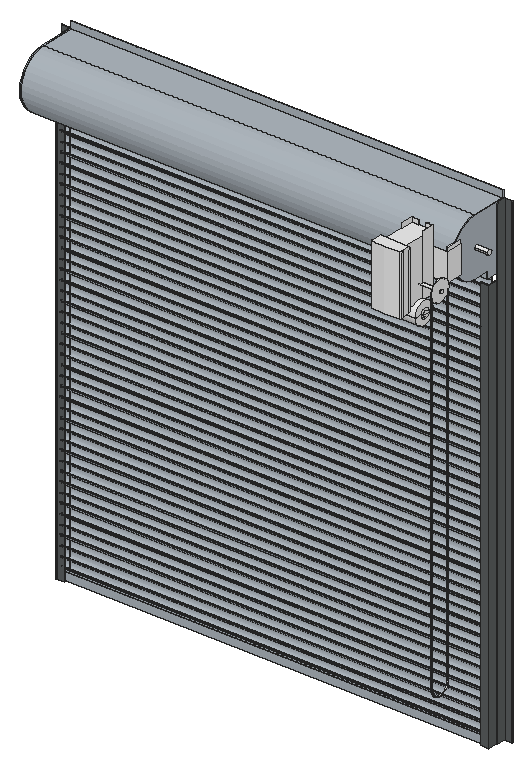
Revit family "Doors_Industrial_Wayne-Dalton_Rolling-Service-Doors-Model-800_", category Specialty Equipment, host Wall, Revit 2019
Family settings
  Host = Wall
  Round Connector Dimension = Use Diameter
  Part Type = Normal
  OmniClass Number = 23.30.10.21.34
  OmniClass Title = Industrial Doors
  Always vertical = Yes
  Cut with Voids When Loaded = Yes
  Shared = No
  Room Calculation Point = No
Parameters (values of type "115 volts, one phase, 60 Hz (110-120V range)")
  X Motor [instance] = size_lookup(Lookup Table, if(Between Jambs Mounting, "Motor B", "Motor F"), 10", Width Count, Height Count)  # 18 1/2"
  X ChainH [instance] = size_lookup(Lookup Table, if(Between Jambs Mounting, "Chain B", "Chain F"), 10", Width Count, Height Count)  # 18 1/2"
  Width Count [instance] = if(or(Opening Width < 120", Opening Width = 120"), 10, if(or(Opening Width < 192", Opening Width = 192"), 16, 20))  # 10
  Warning Sign [instance] = if(Calculated Area > 683.00 SF, 1 = 1, 1 = 2)  # no
  Warning (Note) [instance] = if(Warning Sign, "The Door Area is out of the limit; please adjust accordingly. The maximum allowed area is 683 sq. ft.", " ")  # " "
  Wall Thickness [instance] = 6"
  Voltage = 115 V
  True Opening Width [instance] = if(Between Jambs Mounting, Door Width True, Clear Width)  # 120"
  True Opening Height [instance] = if(Between Jambs Mounting, Clear Height + Headroom Height, Clear Height)  # 120"
  Slat Type [instance] = if(Slat Option < 2, "№4", if(Slat Option = 2, "№14", "№14 - Secur-Vent"))  # "№4"
  Slat Option [instance] = 1
  Slat Length [instance] = Clear Width + G Value * 2 - 1" / 2 * 2  # 124 1/2"
  Slat Height [instance] = if(Slat < 2, 13 205/256", 12 1/4")  # 13 205/256"
  Slat [instance] = if(Slat Option < 2, 1, if(Slat Option = 2, 2, if(Slat Option = 3, 3, 4)))  # 1
  Side Room Right [instance] = 9"  # constant formula
  Side Room Left [instance] = 7"  # constant formula
  Product Page URL = "https://www.wayne-dalton.com/rolling-service-door-800"
  Power Factor = 1
  Powder Coat (Note) = "Wayne Dalton also offers approximately 200 RAL powder coat options to complement the exterior colors of a building."  # constant formula
  Operator Visibility = yes
  Operation (Note) [instance] = "Door could operate by manual push, crank, electrical operator or chain hoist. Manual push up and crank could be used up to 80 sf, for larger door sizes you have to use Chain Hoist operator."  # constant formula
  Opening Width Real [instance] = if(Opening Width > Max Opening Width, Max Opening Width, if(Opening Width < Min Opening Width, Min Opening Width, Opening Width))  # 120"
  Opening Width [instance] = 120"
  Opening Height Real [instance] = if(Opening Height > Max Opening Height, Max Opening Height, if(Opening Height < Min Opening Height, Min Opening Height, Opening Height))  # 120"
  Opening Height [instance] = 120"
  One Array element [instance] = not(Array Vis)  # no
  Number of Poles = 1
  Motor Type [instance] = if(Between Jambs Mounting, "GSL Front of Hood", if(Motor Option < 2, "GSL Front of Hood", "GSL Wall Mount"))  # "GSL Front of Hood"
  Motor Selection (Note) [instance] = "Generic operator shown. Contact Wayne Dalton when dimensions are critical. "  # constant formula
  Motor Position [instance] = if(Motor Option Real = 1, G Value, if(Chain Hoist or Manual, 2 171/256", 3 177/256"))  # 2 3/4"
  Motor Option Real [instance] = if(Between Jambs Mounting, 1, if(Motor Option < 2, 1, 3))  # 1
  Motor Option [instance] = 1
  Min Opening Width [instance] = if(Between Jambs Mounting, 18" + Side Room Right + Side Room Left, 18")  # 18"
  Min Opening Height [instance] = if(Between Jambs Mounting, 24" + Headroom Height, 24")  # 24"
  Max Opening Width [instance] = 480"  # constant formula
  Max Opening Height [instance] = 480"  # constant formula
  Material Finish (Note) [instance] = "Fenestration availible for №14 Slat Profile"  # constant formula
  Material Finish [instance] = 800 : Standard - Gray
  M Value [instance] = G Value + 1/2"  # 3 1/4"
  Lookup Table [instance] = "Hood Dimensions"  # constant formula
  Jambs Offset L [instance] = if(Between Jambs Mounting, Side Room Left, 0")  # 0"
  Jambs Offset R [instance] = if(Between Jambs Mounting, Side Room Right, 0")  # 0"
  Installation Real [instance] = if(Between Jambs Mounting, if((Wall Thickness / 2 - Guid Depth / 2) < 0", 0", Wall Thickness / 2 - Guid Depth / 2), Wall Thickness)  # 6"
  Hood Type [instance] = "Round Hood"  # constant formula
  Hood Offset [instance] = 2"  # constant formula
  Hood Material [instance] = Metal - Wayne Dalton - Gray
  Hood Height [instance] = if(Chain Hoist or Manual, Y ChainH - 2", Y Motor - 2")  # 16 1/2"
  Y Motor [instance] = size_lookup(Lookup Table, if(Between Jambs Mounting, "Motor B", "Motor F"), 10", Width Count, Height Count)  # 18 1/2"
  Y ChainH [instance] = size_lookup(Lookup Table, if(Between Jambs Mounting, "Chain B", "Chain F"), 10", Width Count, Height Count)  # 18 1/2"
  Height Count [instance] = if(or(Opening Height < 120", Opening Height = 120"), 10, if(or(Opening Height < 144", Opening Height = 144"), 12, if(or(Opening Height < 168", Opening Height = 168"), 14, if(or(Opening Height < 192", Opening Height = 192"), 16, if(or(Opening Height < 216", Opening Height = 216"), 18, 20)))))  # 10
  Headroom Height Lift [instance] = if(Chain Hoist or Manual, Y ChainH, Y Motor) + Hood Offset  # 20 1/2"
  Headroom Height [instance] = if(Between Jambs Mounting, Headroom Height Lift, Headroom Height Lift + 2")  # 22 1/2"
  Guide Type [instance] = if(Between Jambs Mounting, "Angled Between Jambs Z Guide", "Angled Z Guide")  # "Angled Z Guide"
  Guide Option [instance] = if(Between Jambs Mounting, 1, 2)  # 2
  Guid Depth [instance] = if(Between Jambs Mounting, D Value + 1/4", D Value)  # 5 1/2"
  G Value [instance] = if(or(Opening Width < 336", Opening Width = 336"), 2 3/4", 3 1/4")  # 2 3/4"
  Frequency = 60 Hz
  Face of Wall Offset [instance] = if(Between Jambs Mounting, 0", 5")  # 5"
  Face Of Wall Mounting [instance] = not(Between Jambs Mounting)  # yes
  Door Width True [instance] = if(Between Jambs Mounting, Clear Width + Side Room Right + Side Room Left, Clear Width + M Value * 2)  # 126 1/2"
  Door Width (Real) [instance] = if(Between Jambs Mounting, Clear Width, Clear Width + 1" / 2)  # 120 1/2"
  Door Height True [instance] = Clear Width + Headroom Height  # 142 1/2"
  Door Height (Real) [instance] = Clear Height + Hood Offset  # 122"
  URL = "https://www.wayne-dalton.com/"
  Product data url = "https://www.bimobject.com/wayne-dalton/product/rolling-service-door-800"
  Product Guid = "d8fcefeb-0907-4330-9d22-05744e22c180"
  Model = "800"  # constant formula
  Manufacturer = "Wayne Dalton"  # constant formula
  Wall Closure = By host
  Floor To (CL) of Shaft [instance] = Clear Height + Hood Offset + 2" + Hood Height / 2  # 132 1/4"
  Finish Material = Finish - Wayne Dalton - Black
  Description = "Model 800 Rolling Service Door"  # constant formula
  D Value Clearance [instance] = if(Between Jambs Mounting, D Value + 1/4", D Value)  # 5 1/2"
  D Value [instance] = 5 1/2"  # constant formula
  Clearance [instance] = no
  Clear Width [instance] = if(Between Jambs Mounting, Opening Width Real - Side Room Right - Side Room Left, Opening Width Real)  # 120"
  Clear Height [instance] = if(Between Jambs Mounting, Opening Height Real - Headroom Height, Opening Height Real)  # 120"
  Chain Hoist or Manual = no
  Current = 20 A
  Connector Array Distance = 0"  # constant formula
  Connector Array = if(Chain Hoist or Manual, 2, 3)  # 3
  Between Jambs Mounting [instance] = no
  Bar [instance] = if(Face Of Wall Mounting, 1 = 1, 1 = 2)  # yes
  Backroom Depth [instance] = if(Chain Hoist or Manual, X ChainH, X Motor)  # 18 1/2"
  BJ Opening Cut [instance] = if(Between Jambs Mounting, Headroom Height, 0")  # 0"
  Array Vis [instance] = if(Array < 2, 1 = 2, 1 = 1)  # yes
  Array Real [instance] = if(Array < 2, 2, Array)  # 9
  Array Length [instance] = (Array) * Slat Height  # 124 53/256"
  Array [instance] = rounddown(([Door Height (Real)] - 3") / Slat Height) + 1  # 9
  Calculated Area [instance] = [Door Width (Real)] * [Door Height (Real)]  # 102.09 SF
  Apparent Load Phase 3 = if(Number of Poles = 1, 0 VA, (Voltage * Current * sqrt(3)) / 3)  # 0 VA
  Apparent Load Phase 2 = if(Number of Poles = 1, 0 VA, (Voltage * Current * sqrt(3)) / 3)  # 0 VA
  Apparent Load Phase 1 = if(Number of Poles = 1, Voltage * Current, (Voltage * Current * sqrt(3)) / 3)  # 2300 VA
Reference planes (in)
  plane 1 "Center (Front/Back)": y = -14.625
  plane 2 "Center (Left/Right)": x = 0
  plane 3 "Left": x = -60
  plane 4 "Right": x = 60
  plane 5 "Exterior": y = -8.625
  plane 6 "Interior": y = -14.625
  plane 7: x = 69
  plane 8: x = -67
  plane 9: z = 120
  plane 10 "Main": y = -19.48437
  plane 11 "Backroom Depth": y = -33.125
  plane 12 "Main Door Block": y = -14.625
  plane 13 "Bottom Bar": z = 2.75
  plane 14: y = -20.125
  plane 15: z = 126.95703
  plane 16: z = 140.5
  plane 17: z = 122
  plane 18: z = 142.5
  plane 19: z = 0
  plane 20: z = 60
  plane 21: y = -19.375
  plane 22 "Double Main": y = -18.906
  plane 23 "Headroom Top": z = 142.5
  plane 24: z = 132.25
  plane 25: x = 62.75
  plane 26: x = -62.75
  plane 27: z = 113.15625
  plane 28: z = 124
  plane 29: x = 62.75
  plane 30: x = -67
  plane 31: x = 69
  plane 32: z = 2.75
  plane 33: y = -19.375
  plane 34: z = 113.15625
  plane 35: y = -19.375
  plane 36: z = 16.55078
  plane 37: y = -19.375
  plane 38: z = 30.35156
  plane 39: y = -19.375
  plane 40: z = 44.15234
  plane 41: y = -19.375
  plane 42: z = 57.95313
  plane 43: y = -19.375
  plane 44: z = 71.75391
  plane 45: y = -19.375
  plane 46: z = 85.55469
  plane 47: y = -19.375
  plane 48: z = 99.35547
  plane 49: y = -19.375
Forms (in)
  Extrusion 1, void
    sketch origin (0, -14.625, 0) x (0, 0, -1) y (-1, 0, 0)
      loop
        line (-120, 60) -> (-120, -60) -> (0, -60) -> (0, 60) -> (-120, 60)
    from 0 to 6
  Extrusion 2, solid, material "Metal - Wayne Dalton - Gray" <- "Hood Material", visible <- "Bar"
    sketch origin (0, 0, 0) x (0, 1, 0) y (0, 0, 1)
      loop
        line (-14.875, 140.5) -> (-14.625, 140.5) -> (-14.625, 142.5) -> (-14.875, 142.5) -> (-14.875, 140.5)
    from -62.5 to 62.5
  Extrusion 3, solid, material "Clearance - Wayne Dalton - Red", visible <- "Clearance"
    sketch origin (0, 0, 0) x (1, 0, 0) y (0, 1, 0)
      loop
        line (69, -14.625) -> (60, -14.625) -> (60, -20.125) -> (69, -20.125) -> (69, -14.625)
      loop
        line (-60, -14.625) -> (-67, -14.625) -> (-67, -20.125) -> (-60, -20.125) -> (-60, -14.625)
    from 0 to 122
Lines and regions (in)
  symbolic lines, visible <- "Bar"
    curve 1: line (62.5, -14.625, 0) -> (-62.5, -14.625, 0)
    curve 2: line (-62.5, -14.875, 0) -> (62.5, -14.875, 0)
Text (in)
  text "Exterior" at (-74.96733, 27.31104, 0), in view "Ref. Level"
  text "Interior" at (-74.96733, -25.14366, 0), in view "Ref. Level"
  text "Exterior" at (0, 40.15149, 123.01588), in view "Right"
  text "Interior" at (0, -64.39139, 123.01588), in view "Right"
  text "Interior" at (0, -31.01599, 123.00693), in view "Left"
  text "Exterior" at (0, 54.57065, 123.00693), in view "Left"
Dimensions and locks (in)
  equal spacing: plane 3 "Left", plane 2 "Center (Left/Right)", plane 4 "Right"
  "Clear Width": plane 3 "Left" to plane 4 "Right"
  level to host wall = 459.59655"
  "Clear Height": level to plane 9
  plane 7 to plane 8 = 136"
  locked: plane 13 "Bottom Bar" to level at 2.75
  locked: plane 14 to plane 10 "Main" at 0.64063
  "Array Length": plane 15 to plane 13 "Bottom Bar"
  "Backroom Depth": plane 11 "Backroom Depth" to plane 12 "Main Door Block"
  locked: plane 18 to plane 16 at 2
  locked: Extrusion 2 sketch curve to Extrusion 2 sketch curve at 0.25
  "Installation Real": plane 1 "Center (Front/Back)" to plane 5 "Exterior"
  "Wall Thickness": host wall to host wall
  equal spacing: plane 9, plane 20, plane 19
  locked: plane 10 "Main" to plane 21 at 0.10937
  locked: plane 10 "Main" to plane 22 "Double Main" at 0.57837
  "BJ Opening Cut": Extrusion 1 sketch curve to plane 9
  locked: Extrusion 2 sketch curve to Extrusion 2 sketch curve at 2
  "Hood Offset": plane 17 to plane 9
  "Headroom Height": plane 23 "Headroom Top" to plane 9
  "Floor To (CL) of Shaft": plane 24 to level
  "Jambs Offset R": plane 4 "Right" to Extrusion 1 sketch curve
  "Jambs Offset L": Extrusion 1 sketch curve to plane 3 "Left"
  "G Value": plane 25 to plane 4 "Right"
  "G Value": plane 3 "Left" to plane 26
  "Guid Depth": plane 14 to plane 1 "Center (Front/Back)"
  "Slat Height": plane 15 to plane 27
  equal spacing: group 1, group 3, group 4, group 5, group 6, group 7, group 8, group 9, group 2  (x3)
  "Side Room Right": plane 4 "Right" to plane 7
  "Side Room Left": plane 8 to plane 3 "Left"
  locked: plane 25 to Extrusion 2 at 0.25
  locked: plane 26 to Extrusion 2 at 0.25
  locked: plane 28 to plane 17 at 2
  "Hood Height": plane 16 to plane 28
  "Motor Position": plane 4 "Right" to plane 29
  "Side Room Left": plane 30 to plane 3 "Left"
  "Side Room Right": plane 4 "Right" to plane 31
  "D Value Clearance": Extrusion 3 sketch curve to Extrusion 3 sketch curve
  aligned and locked: plane 5 "Exterior" to host wall
  aligned and locked: host wall to plane 6 "Interior"
  aligned and locked: level to Extrusion 1 sketch curve
  aligned and locked: Extrusion 1 to plane 5 "Exterior"
  aligned and locked: plane 6 "Interior" to Extrusion 1
  aligned and locked: plane 16 to nested 1
  aligned and locked: Extrusion 2 sketch curve to plane 18
  aligned and locked: plane 6 "Interior" to Extrusion 2 sketch curve
  aligned and locked: curve 1 to Extrusion 2  (x2)
  aligned and locked: curve 2 to Extrusion 2  (x2)
  aligned and locked: Extrusion 2 to curve 2
  aligned and locked: plane 5 "Exterior" to nested 1
  aligned and locked: level to plane 19
  aligned and locked: plane 2 "Center (Left/Right)" to nested 2
  aligned and locked: nested 3 to plane 2 "Center (Left/Right)"
  aligned and locked: nested 4 to plane 20
  aligned and locked: plane 2 "Center (Left/Right)" to nested 4
  aligned and locked: plane 13 "Bottom Bar" to nested 6
  aligned and locked: plane 21 to nested 6
  aligned and locked: nested 4 to plane 21
  aligned and locked: plane 19 to nested 13
  aligned and locked: nested 13 to plane 2 "Center (Left/Right)"
  aligned and locked: nested 13 to plane 1 "Center (Front/Back)"
  aligned and locked: nested 1 to plane 29
  aligned and locked: Extrusion 3 sketch curve to plane 1 "Center (Front/Back)"
  aligned and locked: Extrusion 3 sketch curve to plane 31
  aligned and locked: Extrusion 3 sketch curve to plane 4 "Right"
  aligned and locked: plane 1 "Center (Front/Back)" to Extrusion 3 sketch curve
  aligned and locked: Extrusion 3 sketch curve to plane 30
  aligned and locked: Extrusion 3 sketch curve to plane 3 "Left"
  aligned and locked: Extrusion 3 sketch curve to Extrusion 3 sketch curve
  aligned and locked: Extrusion 3 to level
  aligned and locked: plane 17 to Extrusion 3
  aligned and locked: plane 13 "Bottom Bar" to plane 32
  aligned and locked: plane 21 to plane 33
  aligned and locked: plane 27 to plane 34
  aligned and locked: plane 35 to plane 21
  aligned and locked: plane 12 "Main Door Block" to plane 1 "Center (Front/Back)"
Automatic sketch dimensions
  plane 25 to curve 1 = 1/4"
Nested families (in)
  nested 1: "Motor" at (55.8705, -40.705, 121.18), visible <- "Operator Visibility", type "Trolley Motor"
    with Vertical Mount 19.32", Hood Width Real 18 1/2", Hood Width 18 1/2", Hood Height 16 1/2", Floor To Cl Shaft 132 1/4"
  nested 2: "Label Annotation 1" at (0, 18.375, 0), visible <- "Warning Sign", type "Label Annotation 1"
  nested 3: "Label Annotation 1" at (0, -41.625, 0) x (-1, 0, 0) z (0, 0, 1), visible <- "Warning Sign", type "Label Annotation 1"
  nested 4: "Warning Sign" at (0, -19.375, 60), visible <- "Warning Sign", type "Warning Sign"
    with Warning Sign no
  nested 5: "800" at (0, -19.375, 2.75), Slat Option <- "Slat Option", Opening Width <- "Slat Length", type <- "Material Finish", visible <- "Array Vis", type "Standard - Gray"
    with Void Offset 1", Void Height 3/4", Slat Width 7/8", Slat Position + Offset 14.696", Slat Position 13.8", Slat Option 1, Secure-Vent no, Profile #14 no, Perforation no, Opening Width 124 1/2", Integrated Cutout no, Fenestration no, Cutout Width Offset 1", Cutout Vertical Offset 0.896", #4 yes, # 14 no
  nested 6: "800" at (0, -19.375, 2.75), visible <- "One Array element", Slat Option <- "Slat Option", Opening Width <- "Slat Length", type <- "Material Finish", type "Standard - Gray"
    with Void Offset 1", Void Height 3/4", Slat Width 7/8", Slat Position + Offset 14.696", Slat Position 13.8", Slat Option 1, Secure-Vent no, Profile #14 no, Perforation no, Opening Width 124 1/2", Integrated Cutout no, Fenestration no, Cutout Width Offset 1", Cutout Vertical Offset 0.896", #4 yes, # 14 no
  nested 7: "800" at (0, -19.375, 113.15625), Slat Option <- "Slat Option", Opening Width <- "Slat Length", type <- "Material Finish", visible <- "Array Vis", type "Standard - Gray"
    with Void Offset 1", Void Height 3/4", Slat Width 7/8", Slat Position + Offset 14.696", Slat Position 13.8", Slat Option 1, Secure-Vent no, Profile #14 no, Perforation no, Opening Width 124 1/2", Integrated Cutout no, Fenestration no, Cutout Width Offset 1", Cutout Vertical Offset 0.896", #4 yes, # 14 no
  nested 8: "800" at (0, -19.375, 16.55078), Slat Option <- "Slat Option", Opening Width <- "Slat Length", type <- "Material Finish", visible <- "Array Vis", type "Standard - Gray"
    with Void Offset 1", Void Height 3/4", Slat Width 7/8", Slat Position + Offset 14.696", Slat Position 13.8", Slat Option 1, Secure-Vent no, Profile #14 no, Perforation no, Opening Width 124 1/2", Integrated Cutout no, Fenestration no, Cutout Width Offset 1", Cutout Vertical Offset 0.896", #4 yes, # 14 no
  nested 9: "800" at (0, -19.375, 30.35156), Slat Option <- "Slat Option", Opening Width <- "Slat Length", type <- "Material Finish", visible <- "Array Vis", type "Standard - Gray"
    with Void Offset 1", Void Height 3/4", Slat Width 7/8", Slat Position + Offset 14.696", Slat Position 13.8", Slat Option 1, Secure-Vent no, Profile #14 no, Perforation no, Opening Width 124 1/2", Integrated Cutout no, Fenestration no, Cutout Width Offset 1", Cutout Vertical Offset 0.896", #4 yes, # 14 no
  nested 10: "800" at (0, -19.375, 44.15234), Slat Option <- "Slat Option", Opening Width <- "Slat Length", type <- "Material Finish", visible <- "Array Vis", type "Standard - Gray"
    with Void Offset 1", Void Height 3/4", Slat Width 7/8", Slat Position + Offset 14.696", Slat Position 13.8", Slat Option 1, Secure-Vent no, Profile #14 no, Perforation no, Opening Width 124 1/2", Integrated Cutout no, Fenestration no, Cutout Width Offset 1", Cutout Vertical Offset 0.896", #4 yes, # 14 no
  nested 11: "800" at (0, -19.375, 57.95312), Slat Option <- "Slat Option", Opening Width <- "Slat Length", type <- "Material Finish", visible <- "Array Vis", type "Standard - Gray"
    with Void Offset 1", Void Height 3/4", Slat Width 7/8", Slat Position + Offset 14.696", Slat Position 13.8", Slat Option 1, Secure-Vent no, Profile #14 no, Perforation no, Opening Width 124 1/2", Integrated Cutout no, Fenestration no, Cutout Width Offset 1", Cutout Vertical Offset 0.896", #4 yes, # 14 no
  nested 12: "800" at (0, -19.375, 71.75391), Slat Option <- "Slat Option", Opening Width <- "Slat Length", type <- "Material Finish", visible <- "Array Vis", type "Standard - Gray"
    with Void Offset 1", Void Height 3/4", Slat Width 7/8", Slat Position + Offset 14.696", Slat Position 13.8", Slat Option 1, Secure-Vent no, Profile #14 no, Perforation no, Opening Width 124 1/2", Integrated Cutout no, Fenestration no, Cutout Width Offset 1", Cutout Vertical Offset 0.896", #4 yes, # 14 no
  nested 13: "Lifts" at (0, -14.625, 0) x (-1, 0, 0) z (0, 0, 1), type "Frame Unit"
    with Round Hood yes, No Hood no, Side Clearance R 9", Side Clearance L 7", Hood Height 18 1/2", Headroom Height Real 20 1/2", Half Hood Height 18 1/2", Shaft Offset 8 1/4", Radius Hood 8 1/4", Headroom Height 20 1/2", Header Width 18 1/2", Floor To (CL) of Shaft 132 1/4"
  nested 14: "800" at (0, -19.375, 85.55469), Slat Option <- "Slat Option", Opening Width <- "Slat Length", type <- "Material Finish", visible <- "Array Vis", type "Standard - Gray"
    with Void Offset 1", Void Height 3/4", Slat Width 7/8", Slat Position + Offset 14.696", Slat Position 13.8", Slat Option 1, Secure-Vent no, Profile #14 no, Perforation no, Opening Width 124 1/2", Integrated Cutout no, Fenestration no, Cutout Width Offset 1", Cutout Vertical Offset 0.896", #4 yes, # 14 no
  nested 15: "800" at (0, -19.375, 99.35547), Slat Option <- "Slat Option", Opening Width <- "Slat Length", type <- "Material Finish", visible <- "Array Vis", type "Standard - Gray"
    with Void Offset 1", Void Height 3/4", Slat Width 7/8", Slat Position + Offset 14.696", Slat Position 13.8", Slat Option 1, Secure-Vent no, Profile #14 no, Perforation no, Opening Width 124 1/2", Integrated Cutout no, Fenestration no, Cutout Width Offset 1", Cutout Vertical Offset 0.896", #4 yes, # 14 no
Connectors (in)
  electrical at (58.8585, -40.51377, 131.7498), driven by "Apparent Load Phase 1", driven by "Power Factor", driven by "Voltage", driven by "Apparent Load Phase 2", driven by "Apparent Load Phase 3", driven by "Number of Poles"
    settings: on nested 1, index 1, voltage 115 V, apparent load 0 VA, apparent load phase1 2300 VA, apparent load phase2 0 VA, apparent load phase3 0 VA, power factor 1, load classification "Other", number of poles 1, system type 31, power factor state 1, is connector primary yes, connector utility no, sub classification motor no, connector description "Electrical Connector"
Definition of nested family "Motor"
  Parameters (values of type "Trolley Motor")
    Wall Mount RSX = if(Chain Hoist, 1 = 2, if(Motor Option = 3, 1 = 1, 1 = 2))  # no
    Top Mount RSX = if(Chain Hoist, 1 = 2, if(Motor Option = 2, 1 = 1, 1 = 2))  # no
    Shaft Material = none
    Real Exterior Wall Offset = if(Wall Mount RSX, Displacement, Exterior Wall Offset + if(and(BJ, Bench Mount RSX, Hood Width < 19 1/2"), 2.6", 0"))  # 6"
    Not Chain Hoist = not(Chain Hoist)  # yes
    Not Bench + Top = not(or(Top Mount RSX, Chain Hoist, Bench Mount RSX))  # yes
    Horizontal Mount = if(Face Mount RSX, 5.08" + 0.12" + 2.38", if(Top Mount RSX, 11.19", if(Wall Mount RSX, 5.08", if(Bench Mount RSX, 4.77" + if(or(Hood Width < 14", Hood Width = 14"), 6.13", if(or(Hood Width < 16", Hood Width = 16"), 4.13", 3 1/4")), 0"))))  # 7.58"
    Not Fire King = if(Chain Hoist, 1 = 2, not(Chain Hoist))  # yes
    Vertical Mount = if(Face Mount RSX, 11.07" + Hood Height / 2, if(Top Mount RSX, 14.92" - 0.13" - 2.38", if(Wall Mount RSX, 20.03" + 6" + Hood Height / 2, if(Bench Mount RSX, 20" + 2.29" + Hood Height / 2, Hood Height))))  # 21.07"
    Motor Type = if(Motor Option < 2, "RSX FDO Face Mount", if(Motor Option = 2, "RSX FDO Top Mount", if(Motor Option = 3, "RSX Wall Mount", if(Motor Option = 4, "RSX Bench Mount", "Chain Hoist"))))  # "RSX FDO Face Mount"
    Motor Option = 1
    Main Material = none
    Hood Width Real = if(Wall Mount RSX, 0", if(Chain Hoist, if(Hood Height < Hood Width, (Hood Width + (Hood Width - Hood Height)) / 2, Hood Width / 2), Hood Width))  # 22"
    Hood Width = 22"
    Hood Height = 20"
    Hood Mount = if(or(Face Mount RSX, Top Mount RSX), 0.37", if(Wall Mount RSX, if(BJ, 12.24" + BJ Displacement, 14.74"), if(Bench Mount RSX, 14.49", 4.26")))  # 0.37"
    Floor To Cl Shaft = 134"
    Fire King RHX = 1 = 2  # no
    Top Option Offset = if(or(Top Mount RSX, Bench Mount RSX), 20", 0")  # 0"
    Face+Top = if(Chain Hoist, 1 = 2, if(or(Face Mount RSX, Top Mount RSX), 1 = 1, 1 = 2))  # yes
    Face Mount RSX = if(Chain Hoist, 1 = 2, if(Motor Option < 2, 1 = 1, 1 = 2))  # yes
    Top + Bench = if(Chain Hoist, 1 = 2, if(or(Top Mount RSX, Bench Mount RSX), 1 = 1, 1 = 2))  # no
    Face + Top + Bench = if(Chain Hoist, 1 = 2, if(or(Face Mount RSX, Top Mount RSX, Bench Mount RSX), 1 = 1, 1 = 2))  # yes
    Exterior Wall Offset = 6"
    Displacement = 6"
    Default Elevation = 48"
    Chain V Offset = if(or(Face Mount RSX, Wall Mount RSX), 6.53", if(or(Top Mount RSX, Bench Mount RSX), 18.81", Hood Height / 2))  # 6.53"
    Chain H Offset = if(or(Face Mount RSX, Wall Mount RSX), 1.19", if(or(Top Mount RSX, Bench Mount RSX), 6.53", 0"))  # 1.19"
    Chain Hoist = no
    Bench Mount RSX = if(Chain Hoist, 1 = 2, if(Motor Option > 3, 1 = 1, 1 = 2))  # no
    BJ Displacement = 3"
    BJ = no
    Angle = if(or(Bench Mount RSX, Top Mount RSX), 90.00°, 180.00°)  # 180.00°
  Reference planes (in)
    plane 1 "Center (Front/Back)": y = 0
    plane 2: z = 0
    plane 3 "Center (Left/Right)": x = 0
    plane 4: y = 0
    plane 5: y = 1.19
    plane 6: z = -127.47
    plane 7: z = -97.47
    plane 8: z = 6.53
    plane 9 "Chain Hoist": z = 6.53
    plane 10 "Top Of Hood": z = 21.07
    plane 11: y = 7.58
    plane 12: z = 0
    plane 13 "Hood Face": x = 6.8795
    plane 14: x = 7.2495
    plane 15: y = 29.58
    plane 16 "Wall": y = 35.58
  Forms (in)
    Extrusion 1, solid, material <- "Main Material", visible <- "Not Chain Hoist"
      sketch origin (0, 0, 18.8898) x (1, 0, 0) y (0, 1, 0)
        loop
          line (-4.134, -4.81907) -> (4.116, -4.81907) -> (4.116, -4.69947) -> (3.108, -4.69947)
          arc (3.108, -4.69947) -> (3.02315, -4.66432) -> (2.988, -4.57947) r 0.12
          line (2.988, -4.57947) -> (2.988, 4.96193) -> (-2.988, 4.96193) -> (-2.988, -4.57947)
          arc (-2.988, -4.57947) -> (-3.02315, -4.66432) -> (-3.108, -4.69947) r 0.12
          line (-3.108, -4.69947) -> (-4.134, -4.69947) -> (-4.134, -4.81907)
      from -16.64 to 0
    Extrusion 2, solid, material <- "Main Material", visible <- "Not Chain Hoist"
      sketch origin (0, -2.406, 18.8898) x (1, 0, 0) y (0, 1, 0)
        loop
          line (-4.134, -2.41307) -> (-4.134, -5.05565) -> (-4.3324, -5.05565) -> (-4.3324, -5.3122)
          arc (-4.3324, -5.3122) -> (-4.24466, -5.55085) -> (-4.02324, -5.67585) r 0.36846
          arc (-4.02324, -5.67585) -> (0, -6.0017) -> (4.02324, -5.67585) r 25
          arc (4.02324, -5.67585) -> (4.24466, -5.55085) -> (4.3324, -5.3122) r 0.36846
          line (4.3324, -5.3122) -> (4.3324, -5.05565) -> (4.116, -5.05565) -> (4.116, -2.41307) -> (-4.134, -2.41307)
      from -17 to 0.35839
    Revolve 3, solid, material <- "Main Material", visible <- "Not Fire King"
      sketch origin (2.0828, 5.66524, 0) x (0, -1, 0) y (1, 0, 0)
        loop
          line (5.66524, -9.0813) -> (5.66524, 3.1162) -> (4.82413, 3.1162) -> (4.82413, 2.7162) -> (4.39283, 2.7162) -> (4.39283, 2.4872) -> (2.50257, 2.4872) -> (2.50257, -6.6585) -> (3.79863, -6.6585) -> (3.79863, -7.51105) -> (3.89778, -7.6102) -> (5.36033, -7.6102) -> (5.36033, -7.8313) -> (4.69783, -7.8313) -> (4.69783, -9.0813) -> (5.66524, -9.0813)
        axis (5.66524, -9.0813) -> (5.66524, 3.1162)
      angle from 0 to 360
    Extrusion 4, solid, material <- "Main Material", visible <- "Wall Mount RSX"
      sketch origin (0, 0, 18.8898) x (1, 0, 0) y (0, 1, 0)
        loop
          line (-2.988, 5.08193) -> (-4.988, 5.08193) -> (-4.988, 4.96193) -> (-3.108, 4.96193) -> (-3.108, 1.46193) -> (-2.988, 1.46193) -> (-2.988, 5.08193)
        loop
          line (2.988, 5.08193) -> (2.988, 1.46193) -> (3.108, 1.46193) -> (3.108, 4.96193) -> (4.988, 4.96193) -> (4.988, 5.08193) -> (2.988, 5.08193)
      from -16.64 to 1.14
    Extrusion 5, solid, material <- "Main Material"
      sketch origin (0, 0.00141, 3.59957) x (0, 0, 1) y (0, -1, 0)
        loop
          circle (2.93043, -1.18859) r 3
      from 8.2495 to 7.98
    Sweep 6, solid, material <- "Main Material"
      path origin (8.11913, 9.53, 48) x (0, 1, 0) y (0, 0, 1)
        loop
          line (-11.34, -41.47) -> (-11.34, -145.47)
          arc (-11.34, -145.47) -> (-8.34, -148.47) -> (-5.34, -145.47) r 3
          line (-5.34, -145.47) -> (-5.34, -41.47)
      profile origin (8.11912, -1.81, -45.47) x (1, 0, 0) y (0, 1, 0)
        loop
          circle (0, 0.1) r 0.1
    Extrusion 7, solid, material <- "Main Material"
      sketch origin (0, 0.00141, 3.59957) x (0, 0, 1) y (0, -1, 0)
        loop
          circle (2.93043, -1.18859) r 0.4
      from 8.82 to 0
    Extrusion 8, solid, material <- "Main Material", visible <- "Face+Top"
      sketch origin (0, 0, 18.8898) x (1, 0, 0) y (0, 1, 0)
        loop
          line (7.2495, 5.08193) -> (7.2495, 9.82193) -> (7.1295, 9.82193) -> (7.1295, 5.20193) -> (-2.988, 5.20193) -> (-2.988, 5.08193) -> (7.2495, 5.08193)
      from -12.32 to -4.32
    Extrusion 9, solid, material <- "Main Material", visible <- "Face + Top + Bench"
      sketch origin (0.25, 0, 18.8898) x (1, 0, 0) y (0, 1, 0)
        loop
          line (-3.358, 5.08193) -> (-3.358, 1.46193) -> (-3.238, 1.46193) -> (-3.238, 4.96193) -> (-1.238, 4.96193) -> (-1.238, 5.08193) -> (-3.358, 5.08193)
        loop
          line (2.858, 5.08193) -> (0.738, 5.08193) -> (0.738, 4.96193) -> (2.738, 4.96193) -> (2.738, 1.46193) -> (2.858, 1.46193) -> (2.858, 5.08193)
      from -16.64 to 1.14
    Extrusion 10, solid, material <- "Main Material", visible <- "Face+Top"
      sketch origin (0, 0, 0) x (0, 0, 1) y (0, -1, 0)
        loop
          line (15.5698, -5.33193) -> (6.5698, -5.33193) -> (6.5698, -9.82193) -> (15.5698, -9.82193) -> (15.5698, -5.33193)
      from 6.8795 to 7.1295
    Extrusion 11, solid, material <- "Main Material", visible <- "Bench Mount RSX"
      sketch origin (0, 0, 18.8898) x (1, 0, 0) y (0, 1, 0)
        loop
          line (-6.9985, 5.08193) -> (3.108, 5.08193) -> (3.108, 5.20193) -> (-7.1205, 5.20193) -> (-7.1205, 1.33693) -> (-6.9985, 1.33693) -> (-6.9985, 5.08193)
      from -10.78 to -1.46
    Extrusion 12, solid, material <- "Main Material", visible <- "Bench Mount RSX"
      sketch origin (0, 0, 0) x (0, 0, 1) y (0, -1, 0)
        loop
          line (8.2698, -1.46193) -> (8.2698, -4.96193) -> (17.2698, -4.96193) -> (17.2698, -1.46193) -> (8.2698, -1.46193)
      from -7.24 to -7.1205
  Lines and regions (in)
    reference lines
      curve 1: line (0, 0, 0) -> (0, 0, 18.8898)
  Dimensions and locks (in)
    Extrusion 4 sketch curve to Extrusion 4 sketch curve = 3.62"
    locked: Extrusion 4 sketch curve to Extrusion 4 sketch curve at 0.12  (x3)
    "Chain H Offset": plane 4 to plane 5
    locked: plane 7 to plane 6 at 30
    locked: Sweep 6 sketch curve to profile plane at 0
    locked: profile plane to Sweep 6 sketch curve at 0.1
    locked: Sweep 6 sketch curve to Sweep 6 sketch curve at 6
    "Floor To Cl Shaft": plane 8 to plane 6
    "Horizontal Mount": plane 1 "Center (Front/Back)" to plane 11
    Extrusion 9 sketch curve to Extrusion 9 sketch curve = 3.62"
    locked: Extrusion 9 sketch curve to Extrusion 9 sketch curve at 0.12  (x3)
    "Top Option Offset": level to plane 12
    "Chain V Offset": plane 9 "Chain Hoist" to plane 12
    equal spacing: Sweep 6 sketch curve, plane 5, Sweep 6 sketch curve
    "Vertical Mount": plane 10 "Top Of Hood" to plane 12
    locked: Extrusion 2 sketch curve to Extrusion 2 sketch curve at 8.25
    locked: Extrusion 2 sketch curve to Extrusion 2 sketch curve at 2.64258
    locked: plane 3 "Center (Left/Right)" to plane 14 at 7.2495
    "Hood Mount": plane 13 "Hood Face" to plane 14
    locked: Extrusion 8 sketch curve to Extrusion 8 sketch curve at 0.12  (x2)
    locked: Extrusion 8 sketch curve to curve 1 at 5.08193
    "Hood Width Real": plane 11 to plane 15
    "Real Exterior Wall Offset": plane 15 to plane 16 "Wall"
    locked: Extrusion 8 sketch curve to Extrusion 8 sketch curve at 4.62
    Revolve 3 sketch curve to Revolve 3 sketch curve to Revolve 3 sketch curve to Revolve 3 sketch curve to Revolve 3 sketch curve to Revolve 3 sketch curve to Revolve 3 sketch curve = 1 1/4" locked, 0.2211" locked, 0.9517" locked, 9.1457" locked, 0.229" locked, 0.4" locked
    Revolve 3 sketch curve to Revolve 3 sketch curve to Revolve 3 sketch curve to Revolve 3 sketch curve to Revolve 3 sketch curve to Revolve 3 sketch curve to Revolve 3 sketch curve to Revolve 3 sketch curve = 0.30491" locked, 0.53619" locked, 0.12631" locked, 0.305" locked, 0.49505" locked, 0.09915" locked, 1.29606" locked
    locked: Extrusion 1 sketch curve to Extrusion 1 sketch curve at 0.1196
    locked: Extrusion 1 sketch curve to Extrusion 1 sketch curve at 5.976
    equal spacing: Extrusion 1 sketch curve, curve 1, Extrusion 1 sketch curve
    locked: curve 1 to Extrusion 1 sketch curve at 4.81907
    locked: Extrusion 1 sketch curve to Extrusion 1 sketch curve at 9.781
    locked: Extrusion 9 sketch curve to curve 1 at 1.46193
    equal spacing: Extrusion 4 sketch curve, curve 1, Extrusion 4 sketch curve
    locked: Extrusion 4 sketch curve to curve 1 at 1.46193
    locked: Extrusion 10 sketch curve to Extrusion 10 sketch curve at 4.49
    locked: Extrusion 10 sketch curve to Extrusion 10 sketch curve at 9
    locked: Extrusion 10 sketch curve to curve 1 at 9.82193
    locked: Extrusion 10 sketch curve to curve 1 at 6.5698
    locked: Revolve 3 sketch curve to plane 3 "Center (Left/Right)" at 4.5757
    locked: Extrusion 4 sketch curve to Extrusion 4 sketch curve at 5.976
    locked: Extrusion 9 sketch curve to plane 3 "Center (Left/Right)" at 2.988
    locked: plane 3 "Center (Left/Right)" to Extrusion 9 sketch curve at 3.108
    locked: Extrusion 4 sketch curve to Extrusion 4 sketch curve at 2
    locked: Extrusion 4 sketch curve to Extrusion 4 sketch curve at 1.88
    locked: Extrusion 8 sketch curve to Extrusion 8 sketch curve at 10.2375
    locked: curve 1 to Extrusion 8 sketch curve at 7.2495
    locked: Extrusion 1 sketch curve to Extrusion 1 sketch curve at 1.128
    locked: Extrusion 1 sketch curve to Extrusion 1 sketch curve at 1.146
    locked: curve 1 to Extrusion 2 sketch curve at 4.81907
    locked: Extrusion 11 sketch curve to Extrusion 11 sketch curve at 0.122
    locked: Extrusion 11 sketch curve to Extrusion 11 sketch curve at 0.12
    locked: Extrusion 11 sketch curve to curve 1 at 6.9985
    locked: Extrusion 11 sketch curve to curve 1 at 5.08193
    locked: Extrusion 11 sketch curve to Extrusion 11 sketch curve at 10.1065
    locked: Extrusion 11 sketch curve to Extrusion 11 sketch curve at 3.865
    locked: Extrusion 12 sketch curve to Extrusion 12 sketch curve at 3.5
    locked: curve 1 to Extrusion 12 sketch curve at 1.46193
    locked: Extrusion 12 sketch curve to Extrusion 12 sketch curve at 9
    locked: Extrusion 12 sketch curve to curve 1 at 10.62
    radius of Extrusion 5 sketch curve = 3"
    radius of Sweep 6 sketch curve = 3"
    radius of Sweep 6 sketch curve = 0.1"
    radius of Extrusion 7 sketch curve = 0.4"
    radius of Extrusion 2 sketch curve = 0.36846"  (x2)
    radius of Extrusion 1 sketch curve = 0.12"  (x2)
    radius of Extrusion 2 sketch curve = 25"
    "Angle": angle curve 1 to plane 1 "Center (Front/Back)"
    angle Extrusion 2 sketch curve to Extrusion 2 sketch curve = 90.00°
    locked: Extrusion 2 sketch curve to Extrusion 2 sketch curve (angle 90.00°)
    aligned and locked: plane 2 to level
    aligned and locked: Revolve 3 sketch curve to Revolve 3 sketch curve
    aligned and locked: plane 1 "Center (Front/Back)" to curve 1
    aligned and locked: level to curve 1
    aligned and locked: plane 1 "Center (Front/Back)" to plane 4
    aligned and locked: Extrusion 4 sketch curve to Extrusion 4 sketch curve  (x3)
    aligned and locked: plane 7 to Sweep 6 sketch curve  (x2)
    aligned and locked: plane 8 to Sweep 6 sketch curve  (x2)
    aligned and locked: plane 5 to Extrusion 5 sketch curve
    aligned and locked: plane 9 "Chain Hoist" to Extrusion 5 sketch curve
    aligned and locked: plane 5 to Extrusion 7 sketch curve
    aligned and locked: plane 9 "Chain Hoist" to Extrusion 7 sketch curve
    aligned and locked: plane 8 to plane 9 "Chain Hoist"
    aligned and locked: Extrusion 9 sketch curve to Extrusion 9 sketch curve  (x3)
    aligned and locked: Extrusion 2 sketch curve to Extrusion 2 sketch curve
    aligned and locked: Extrusion 1 sketch curve to Extrusion 1 sketch curve
    aligned and locked: plane 4 to nested 1
    aligned and locked: plane 3 "Center (Left/Right)" to nested 1
  Automatic sketch dimensions
    plane 1 "Center (Front/Back)" to Revolve 3 sketch curve = 0"
    Revolve 3 sketch curve to Revolve 3 sketch curve = 0.09915"
    Revolve 3 sketch curve to Revolve 3 sketch curve = 4.7892"
    Revolve 3 sketch curve to plane 14 = 1.9628"
    Extrusion 9 sketch curve to plane 3 "Center (Left/Right)" = 0.988"
    plane 3 "Center (Left/Right)" to Extrusion 9 sketch curve = 0.988"
    Extrusion 2 sketch curve to plane 3 "Center (Left/Right)" = 0"
    Extrusion 2 sketch curve to Extrusion 2 sketch curve = 0.1984"
    Extrusion 2 sketch curve to Extrusion 2 sketch curve = 0.15206"
    Extrusion 2 sketch curve to Extrusion 2 sketch curve = 0.25654"
    Extrusion 2 sketch curve to Extrusion 2 sketch curve = 0"  (x2)
    Extrusion 2 sketch curve to Extrusion 2 sketch curve = 0.0593"
  Nested families (in)
    nested 1: "2D_NotScalableMain_29e791da-3db9-4234-ab15-44456784202b" at (0, 0, 0), type "Default"
      with Wall Mount no, Face Mount yes
  Definition of nested family "2D_NotScalableMain_29e791da-3db9-4234-ab15-44456784202b"
    Parameters (values of type "Default")
      Wall Mount = yes
      Top Mount = no
      Not Top + Bench = yes
      Fire King Face Mount = no
      Face Mount = no
      Top + Bench = no
      Chain Hoist = no
      Bench Mount = no
    Reference planes (in)
      plane 1 "Center (Front/Back)": y = 0
      plane 2: z = 0
      plane 3 "Center (Left/Right)": x = 0
    Lines and regions (in)
      Masking region 1, in view "Ref. Level", visible <- "Not Top + Bench"
        outline origin (0, 0, 0) x (1, 0, 0) y (0, 1, 0)
          loop
            line (-6.9985, -0.96741) -> (-5.7485, -0.96741) -> (-5.7485, -0.30491) -> (-5.5274, -0.30491) -> (-5.5274, -1.76746) -> (-5.42825, -1.86661) -> (-4.5757, -1.86661) -> (-4.5757, -3.22517) -> (-4.134, -3.22517) -> (-4.134, -7.46165) -> (-4.3324, -7.46165) -> (-4.3324, -7.7182)
            arc (-4.3324, -7.7182) -> (-4.24466, -7.95685) -> (-4.02324, -8.08185) r 0.36846
            arc (-4.02324, -8.08185) -> (0, -8.4077) -> (4.02324, -8.08185) r 25
            arc (4.02324, -8.08185) -> (4.24466, -7.95685) -> (4.3324, -7.7182) r 0.36846
            line (4.3324, -7.7182) -> (4.3324, -7.46165) -> (4.116, -7.46165) -> (4.116, -3.22517) -> (4.57, -3.22517) -> (4.57, -1.27241) -> (4.799, -1.27241) -> (4.799, -0.84111) -> (5.199, -0.84111) -> (5.199, 0.79) -> (7.979, 0.79) -> (7.979, -1.81) -> (8.2495, -1.81) -> (8.2495, 0.79) -> (8.82, 0.79) -> (8.82, 1.59) -> (8.2495, 1.59) -> (8.2495, 4.19) -> (7.979, 4.19) -> (7.979, 1.59) -> (4.57, 1.59) -> (4.57, 3.22517) -> (2.988, 3.22517) -> (2.988, 4.96193) -> (-2.988, 4.96193) -> (-2.988, 3.22517) -> (-4.5757, 3.22517) -> (-4.5757, 1.86661) -> (-5.42825, 1.86661) -> (-5.5274, 1.76746) -> (-5.5274, 0.30491) -> (-5.7485, 0.30491) -> (-5.7485, 0.96741) -> (-6.9985, 0.96741) -> (-6.9985, -0.96741)
      Masking region 2, in view "Ref. Level", visible <- "Fire King Face Mount"
        outline origin (0, 0, 0) x (1, 0, 0) y (0, 1, 0)
          loop
            circle (0, 1.59) r 2.87397
          loop
            line (-2.988, 7.80693) -> (-2.988, 4.96193) -> (2.988, 4.96193) -> (2.988, 7.80693) -> (0.82, 7.80693) -> (0.82, 16.89193) -> (0.57, 16.89193) -> (0.57, 7.80693) -> (-2.988, 7.80693)
      Masking region 3, in view "Ref. Level", visible <- "Face Mount"
        outline origin (0, 0, 0) x (1, 0, 0) y (0, 1, 0)
          loop
            line (-3.108, 1.46193) -> (-2.988, 1.46193) -> (-2.988, 4.96193) -> (2.988, 4.96193) -> (2.988, 1.46193) -> (3.108, 1.46193) -> (3.108, 5.08193) -> (7.2495, 5.08193) -> (7.2495, 9.82193) -> (6.8795, 9.82193) -> (6.8795, 5.33193) -> (7.1295, 5.33193) -> (7.1295, 5.20193) -> (-2.988, 5.20193) -> (-2.988, 5.08193) -> (-3.108, 5.08193) -> (-3.108, 1.46193)
      Masking region 4, in view "Ref. Level", visible <- "Top + Bench"
        outline origin (0, 0, 0) x (1, 0, 0) y (0, 1, 0)
          loop
            line (-6.9985, -0.96741) -> (-5.7485, -0.96741) -> (-5.7485, -0.30491) -> (-5.5274, -0.30491) -> (-5.5274, -1.76746) -> (-5.42825, -1.86661) -> (-4.5757, -1.86661) -> (-4.5757, -3.22517) -> (4.57, -3.22517) -> (4.57, -1.27241) -> (4.799, -1.27241) -> (4.799, -0.84111) -> (5.199, -0.84111) -> (5.199, 0.84111) -> (4.799, 0.84111) -> (4.799, 1.27241) -> (4.57, 1.27241) -> (4.57, 3.22034) -> (4.3324, 3.22034) -> (4.3324, 6.13) -> (7.2495, 6.13) -> (7.2495, 3.53) -> (7.52, 3.53) -> (7.52, 6.13) -> (8.82, 6.13) -> (8.82, 6.93) -> (7.52, 6.93) -> (7.52, 9.53) -> (7.2495, 9.53) -> (7.2495, 6.93) -> (4.3324, 6.93) -> (4.3324, 19.24819) -> (3.108, 19.24819) -> (3.108, 20.0298) -> (0.988, 20.0298) -> (0.988, 19.24819) -> (-0.988, 19.24819) -> (-0.988, 20.0298) -> (-3.108, 20.0298) -> (-3.108, 19.24819) -> (-4.3324, 19.24819) -> (-4.3324, 3.22517) -> (-4.5757, 3.22517) -> (-4.5757, 1.86661) -> (-5.42825, 1.86661) -> (-5.5274, 1.76746) -> (-5.5274, 0.30491) -> (-5.7485, 0.30491) -> (-5.7485, 0.96741) -> (-6.9985, 0.96741) -> (-6.9985, -0.96741)
      Masking region 5, in view "Ref. Level", visible <- "Top Mount"
        outline origin (0, 0, 0) x (1, 0, 0) y (0, 1, 0)
          loop
            line (4.3324, 14.55771) -> (4.3324, 6.93) -> (7.2495, 6.93) -> (7.2495, 14.55771) -> (7.1295, 14.55771) -> (7.1295, 15.55771) -> (6.8795, 15.55771) -> (6.8795, 14.55771) -> (4.3324, 14.55771)
      Masking region 6, in view "Ref. Level", visible <- "Wall Mount"
        outline origin (0, 0, 0) x (1, 0, 0) y (0, 1, 0)
          loop
            line (-4.988, 4.96193) -> (-3.108, 4.96193) -> (-3.108, 1.46193) -> (-2.988, 1.46193) -> (-2.988, 5.08193) -> (-4.988, 5.08193) -> (-4.988, 4.96193)
          loop
            line (2.988, 1.46193) -> (3.108, 1.46193) -> (3.108, 4.96193) -> (4.988, 4.96193) -> (4.988, 5.08193) -> (2.988, 5.08193) -> (2.988, 1.46193)
      Masking region 7, in view "Ref. Level", visible <- "Bench Mount"
        outline origin (0, 0, 0) x (1, 0, 0) y (0, 1, 0)
          loop
            line (-7.24, 9.2698) -> (-7.1205, 9.2698) -> (-7.1205, 9.1098) -> (-4.3324, 9.1098) -> (-4.3324, 17.4298) -> (-7.1205, 17.4298) -> (-7.1205, 17.2698) -> (-7.24, 17.2698) -> (-7.24, 9.2698)
      Masking region 8, in view "Ref. Level", visible <- "Chain Hoist"
        outline origin (0, -6.98957, 0) x (1, 0, 0) y (0, 1, 0)
          loop
            line (4.7396, 6.58957) -> (7.979, 6.58957) -> (7.979, 3.98957) -> (8.2495, 3.98957) -> (8.2495, 6.58957) -> (8.82, 6.58957) -> (8.82, 7.38957) -> (8.2495, 7.38957) -> (8.2495, 9.98957) -> (7.979, 9.98957) -> (7.979, 7.38957) -> (4.7396, 7.38957) -> (4.7396, 6.58957)
      reference lines, in view "Ref. Level"
        curve 1: line (0, 0, 0) -> (0, 0.125, 0)
        curve 2: line (0, 0, 0) -> (0.125, 0, 0)
      detail lines, in view "Ref. Level", visible <- "Not Top + Bench"
        curve 3: line (8.2495, 4.19, 0) -> (8.2495, -1.81, 0)
        curve 4: line (7.979, 4.19, 0) -> (7.979, -1.81, 0)
        curve 5: line (-4.134, -3.22517, 0) -> (-4.134, -5.05565, 0)
        curve 6: line (4.116, -4.69947, 0) -> (4.116, -5.05565, 0)
        curve 7: line (-4.134, -4.81907, 0) -> (4.116, -4.81907, 0)
        curve 8: line (4.116, -4.69947, 0) -> (3.108, -4.69947, 0)
        curve 9: line (2.988, -4.57947, 0) -> (2.988, 4.96193, 0)
        curve 10: line (2.988, 4.96193, 0) -> (-2.988, 4.96193, 0)
        curve 11: line (-2.988, 4.96193, 0) -> (-2.988, -4.57947, 0)
        curve 12: arc (-2.988, -4.57947, 0) -> (-3.02315, -4.66432, 0) -> (-3.108, -4.69947, 0) r 0.12
        curve 13: arc (3.108, -4.69947, 0) -> (3.02315, -4.66432, 0) -> (2.988, -4.57947, 0) r 0.12
        curve 14: line (4.57, -3.22517, 0) -> (4.57, 0.77483, 0)
        curve 15: line (4.799, -1.27241, 0) -> (4.799, 0.77483, 0)
        curve 16: line (5.199, -0.84111, 0) -> (5.199, 0.77483, 0)
        curve 17: line (-4.5757, -3.22517, 0) -> (-4.5757, 3.22517, 0)
        curve 18: line (-5.42825, -1.86661, 0) -> (-5.42825, 1.86661, 0)
        curve 19: line (-5.5274, 1.76746, 0) -> (-5.5274, -1.76746, 0)
        curve 20: line (-5.7485, -0.96741, 0) -> (-5.7485, 0.96741, 0)
        curve 25: line (-4.116, -4.69947, 0) -> (-3.108, -4.69947, 0)
        curve 26: line (5.199, 0.77483, 0) -> (2.988, 0.77483, 0)
        curve 27: line (4.57, 1.59, 0) -> (3.108, 1.59, 0)
      detail lines, in view "Ref. Level", visible <- "Fire King Face Mount"
        curve 21: circle (0, 1.59, 0) r 1.29967 normal (0, 0, 1)
        curve 22: circle (0, 1.59, 0) r 0.87193 normal (0, 0, 1)
        curve 23: line (-2.988, 7.80693, 0) -> (2.988, 7.80693, 0)
        curve 24: line (-2.988, 7.685, 0) -> (2.988, 7.685, 0)
      detail lines, in view "Ref. Level", visible <- "Top + Bench"
        curve 28: line (-4.5757, -3.22517, 0) -> (-4.5757, 3.22517, 0)
        curve 29: line (-5.42825, 1.86661, 0) -> (-5.42825, -1.86661, 0)
        curve 30: line (-5.5274, 1.76746, 0) -> (-5.5274, -1.76746, 0)
        curve 31: line (-5.7485, -0.96741, 0) -> (-5.7485, 0.96741, 0)
        curve 32: line (-4.3324, 1.8898, 0) -> (-4.3324, 19.24819, 0)
        curve 33: line (-4.3324, 1.8898, 0) -> (4.3324, 1.8898, 0)
        curve 34: line (4.3324, 1.8898, 0) -> (4.3324, 19.24819, 0)
        curve 35: line (4.57, 3.22517, 0) -> (4.57, -3.22517, 0)
        curve 36: line (4.799, 1.27241, 0) -> (4.799, -1.22759, 0)
        curve 41: line (2.988, 20.0298, 0) -> (2.988, 19.24819, 0)
        curve 42: line (-2.988, 20.0298, 0) -> (-2.988, 19.24819, 0)
        curve 43: line (-3.108, 19.24819, 0) -> (-0.988, 19.24819, 0)
        curve 44: line (0.988, 19.24819, 0) -> (3.108, 19.24819, 0)
      detail lines, in view "Ref. Level", visible <- "Chain Hoist"
        curve 37: line (8.2495, 3, 0) -> (8.2495, -3, 0)
        curve 38: line (7.979, -3, 0) -> (7.979, 3, 0)
      detail lines, in view "Ref. Level", visible <- "Bench Mount"
        curve 39: line (-7.1205, 17.4298, 0) -> (-7.1205, 9.1098, 0)
        curve 40: line (-6.9985, 17.4298, 0) -> (-6.9985, 9.1098, 0)
    Dimensions and locks (in)
      curve 1 to curve 1 = 1/8"
      curve 2 to curve 2 = 1/8"
      aligned and locked: plane 1 "Center (Front/Back)" to curve 1
      aligned and locked: plane 3 "Center (Left/Right)" to curve 1
      aligned and locked: plane 1 "Center (Front/Back)" to curve 2
Definition of nested family "800"
  Parameters (values of type "Standard - Biege")
    Void Offset [instance] = if(Integrated Cutout, 0", 1")  # 1"
    Void Height [instance] = if([Secure-Vent], 2.2", 3/4")  # 3/4"
    Standard = yes
    Slat Width [instance] = if(Slat Option < 2, 7/8", 3/4")  # 7/8"
    Slat Position + Offset [instance] = Slat Position + Cutout Vertical Offset  # 14.696"
    Slat Position [instance] = if(Slat Option < 2, 2.76" * 5, 2.45" * 5)  # 13.8"
    Slat Option [instance] = 1
    Secure-Vent [instance] = if(Slat Option > 2, 1 = 1, 1 = 2)  # no
    Rough Height = 0"
    Profile #14 [instance] = or(# 14, [Secure-Vent])  # no
    Perforation [instance] = [Secure-Vent]  # no
    Fenestration Large = no
    Fenestration [instance] = if(and(Integrated Cutout, not(Perforation)), 1 = 1, 1 = 2)  # no
    Cutout Width Offset [instance] = 1"  # constant formula
    Cutout Material Perforation = none
    Cutout Material = none
    Panel Material = none
    Opening Width [instance] = 123 5/8"
    Cutout Vertical Offset [instance] = 0.896"  # constant formula
    Default Elevation = 48"
    Integrated Cutout [instance] = if(and(Fenestration Large, Slat Option = 2), 1 = 1, if(and(Perforation, Slat Option > 2), 1 = 1, 1 = 2))  # no
    Analytic Construction = "<None>"
    #4 [instance] = if(Slat Option < 2, 1 = 1, 1 = 2)  # yes
    # 14 [instance] = if(Slat Option = 2, 1 = 1, 1 = 2)  # no
  Types (8): name | Standard | Fenestration Large
    Standard - White | yes | no
    Standard - Brown | yes | no
    Standard - Gray | yes | no
    Vision lites 0.75”x5” - Gray | no | yes
    Vision lites 0.75”x5” - Beige | no | yes
    Vision lites 0.75”x5” - White | no | yes
    Vision lites 0.75”x5” - Brown | no | yes
    Standard - Biege | yes | no
  Reference planes (in)
    plane 1 "Center (Front/Back)": y = 0
    plane 2: z = 0
    plane 3 "Center (Left/Right)": x = 0
    plane 4: x = -61.8125
    plane 5: x = 61.8125
    plane 6: y = 0.875
    plane 7: y = 0
    plane 8: y = 0.4375
    plane 9: y = 0.845
    plane 10: x = -60.8125
    plane 11: x = 60.8125
  Forms (in)
    Extrusion 1, solid, material <- "Panel Material", visible <- "Profile #14"
      sketch origin (0, -4.98186, 13.12534) x (0, 1, 0) y (0, 0, 1)
        loop
          arc (5.73186, -8.66795) -> (5.71046, -8.61155) -> (5.65703, -8.58356) r 0.085
          line (5.65703, -8.58356) -> (5.18016, -8.52611) -> (5.64686, -8.52611)
          arc (5.64686, -8.52611) -> (5.70696, -8.50122) -> (5.73186, -8.44111) r 0.085
          line (5.73186, -8.44111) -> (5.73186, -6.21795)
          arc (5.73186, -6.21795) -> (5.71046, -6.16155) -> (5.65703, -6.13356) r 0.085
          line (5.65703, -6.13356) -> (5.18016, -6.07611) -> (5.64686, -6.07611)
          arc (5.64686, -6.07611) -> (5.70696, -6.05122) -> (5.73186, -5.99111) r 0.085
          line (5.73186, -5.99111) -> (5.73186, -3.76795)
          arc (5.73186, -3.76795) -> (5.71046, -3.71155) -> (5.65703, -3.68356) r 0.085
          line (5.65703, -3.68356) -> (5.18016, -3.62611) -> (5.64686, -3.62611)
          arc (5.64686, -3.62611) -> (5.70696, -3.60122) -> (5.73186, -3.54111) r 0.085
          line (5.73186, -3.54111) -> (5.73186, -1.31795)
          arc (5.73186, -1.31795) -> (5.71046, -1.26155) -> (5.65703, -1.23356) r 0.085
          line (5.65703, -1.23356) -> (5.06387, -1.16211)
          arc (5.06387, -1.16211) -> (5.04815, -1.15387) -> (5.04186, -1.13729) r 0.025
          line (5.04186, -1.13729) -> (5.04186, -1.02403)
          arc (5.04186, -1.02403) -> (5.39304, -0.79238) -> (4.98186, -0.88137) r 0.214
          line (4.98186, -0.88137) -> (4.98186, -1.13729)
          arc (4.98186, -1.13729) -> (5.00326, -1.19368) -> (5.05669, -1.22168) r 0.085
          line (5.05669, -1.22168) -> (5.64985, -1.29313)
          arc (5.64985, -1.29313) -> (5.66556, -1.30136) -> (5.67186, -1.31795) r 0.025
          line (5.67186, -1.31795) -> (5.67186, -3.54111)
          arc (5.67186, -3.54111) -> (5.66454, -3.55879) -> (5.64686, -3.56611) r 0.025
          line (5.64686, -3.56611) -> (5.04186, -3.56611) -> (5.04186, -3.47403)
          arc (5.04186, -3.47403) -> (5.39304, -3.24238) -> (4.98186, -3.33137) r 0.214
          line (4.98186, -3.33137) -> (4.98186, -3.58729)
          arc (4.98186, -3.58729) -> (5.00326, -3.64368) -> (5.05669, -3.67168) r 0.085
          line (5.05669, -3.67168) -> (5.64985, -3.74313)
          arc (5.64985, -3.74313) -> (5.66556, -3.75136) -> (5.67186, -3.76795) r 0.025
          line (5.67186, -3.76795) -> (5.67186, -5.99111)
          arc (5.67186, -5.99111) -> (5.66454, -6.00879) -> (5.64686, -6.01611) r 0.025
          line (5.64686, -6.01611) -> (5.04186, -6.01611) -> (5.04186, -5.92403)
          arc (5.04186, -5.92403) -> (5.39304, -5.69238) -> (4.98186, -5.78137) r 0.214
          line (4.98186, -5.78137) -> (4.98186, -6.03729)
          arc (4.98186, -6.03729) -> (5.00326, -6.09368) -> (5.05669, -6.12168) r 0.085
          line (5.05669, -6.12168) -> (5.64985, -6.19313)
          arc (5.64985, -6.19313) -> (5.66556, -6.20136) -> (5.67186, -6.21795) r 0.025
          line (5.67186, -6.21795) -> (5.67186, -8.44111)
          arc (5.67186, -8.44111) -> (5.66454, -8.45879) -> (5.64686, -8.46611) r 0.025
          line (5.64686, -8.46611) -> (5.04186, -8.46611) -> (5.04186, -8.37403)
          arc (5.04186, -8.37403) -> (5.39304, -8.14238) -> (4.98186, -8.23137) r 0.214
          line (4.98186, -8.23137) -> (4.98186, -8.48729)
          arc (4.98186, -8.48729) -> (5.00326, -8.54368) -> (5.05669, -8.57168) r 0.085
          line (5.05669, -8.57168) -> (5.64985, -8.64313)
          arc (5.64985, -8.64313) -> (5.66556, -8.65136) -> (5.67186, -8.66795) r 0.025
          line (5.67186, -8.66795) -> (5.67186, -10.89111)
          arc (5.67186, -10.89111) -> (5.66454, -10.90879) -> (5.64686, -10.91611) r 0.025
          line (5.64686, -10.91611) -> (5.04186, -10.91611) -> (5.04186, -10.82403)
          arc (5.04186, -10.82403) -> (5.39304, -10.59238) -> (4.98186, -10.68137) r 0.214
          line (4.98186, -10.68137) -> (4.98186, -10.93729)
          arc (4.98186, -10.93729) -> (5.00326, -10.99368) -> (5.05669, -11.02168) r 0.085
          line (5.05669, -11.02168) -> (5.64985, -11.09313)
          arc (5.64985, -11.09313) -> (5.66556, -11.10136) -> (5.67186, -11.11795) r 0.025
          line (5.67186, -11.11795) -> (5.67186, -13.34111)
          arc (5.67186, -13.34111) -> (5.66454, -13.35879) -> (5.64686, -13.36611) r 0.025
          line (5.64686, -13.36611) -> (5.04186, -13.36611) -> (5.04186, -13.2739)
          arc (5.04186, -13.2739) -> (5.39412, -13.04524) -> (4.98186, -13.12534) r 0.21392
          line (4.98186, -13.12534) -> (4.98186, -13.34111)
          arc (4.98186, -13.34111) -> (5.00676, -13.40122) -> (5.06686, -13.42611) r 0.085
          line (5.06686, -13.42611) -> (5.64686, -13.42611)
          arc (5.64686, -13.42611) -> (5.70696, -13.40122) -> (5.73186, -13.34111) r 0.085
          line (5.73186, -13.34111) -> (5.73186, -11.11795)
          arc (5.73186, -11.11795) -> (5.71046, -11.06155) -> (5.65703, -11.03356) r 0.085
          line (5.65703, -11.03356) -> (5.18016, -10.97611) -> (5.64686, -10.97611)
          arc (5.64686, -10.97611) -> (5.70696, -10.95122) -> (5.73186, -10.89111) r 0.085
          line (5.73186, -10.89111) -> (5.73186, -8.66795)
      from -61.8125 to 61.8125
    Extrusion 2, solid, material <- "Panel Material", visible <- "#4"
      sketch origin (0, -4.82043, 13.73777) x (0, 1, 0) y (0, 0, 1)
        loop
          line (5.41686, -0.15639) -> (5.41686, 0.06223)
          arc (5.41686, 0.06223) -> (5.05365, 0.23232) -> (5.15557, -0.15557) r 0.22143
          spline (5.15557, -0.15557) -> (5.43579, -0.24198) -> (5.6169, -0.37456) -> (5.72313, -0.54212) -> (5.77865, -0.73343) -> (5.80231, -0.9387) -> (5.79902, -1.15185) -> (5.77145, -1.36736) -> (5.72229, -1.57974) -> (5.64973, -1.78272) -> (5.53407, -1.96703) -> (5.35114, -2.12262) -> (5.07676, -2.23945)
          arc (5.07676, -2.23945) -> (4.97768, -2.37927) -> (5.10235, -2.49685) r 0.13061
          arc (5.10235, -2.49685) -> (4.97576, -2.7256) -> (5.1554, -2.91554) r 0.22143
          spline (5.1554, -2.91554) -> (5.43502, -3.00176) -> (5.61575, -3.13406) -> (5.72175, -3.30126) -> (5.77715, -3.49217) -> (5.80076, -3.697) -> (5.79748, -3.90969) -> (5.76997, -4.12475) -> (5.72091, -4.33667) -> (5.64851, -4.53922) -> (5.5331, -4.72313) -> (5.35056, -4.87839) -> (5.07676, -4.99497)
          arc (5.07676, -4.99497) -> (4.97829, -5.13992) -> (5.11266, -5.25239) r 0.13061
          arc (5.11266, -5.25239) -> (4.97514, -5.4801) -> (5.15557, -5.67557) r 0.22143
          spline (5.15557, -5.67557) -> (5.43579, -5.76198) -> (5.6169, -5.89456) -> (5.72313, -6.06212) -> (5.77865, -6.25343) -> (5.80231, -6.4587) -> (5.79902, -6.67185) -> (5.77145, -6.88736) -> (5.72229, -7.09974) -> (5.64973, -7.30272) -> (5.53407, -7.48703) -> (5.35114, -7.64262) -> (5.07676, -7.75945)
          arc (5.07676, -7.75945) -> (4.97768, -7.89927) -> (5.10235, -8.01685) r 0.13061
          arc (5.10235, -8.01685) -> (4.97576, -8.2456) -> (5.1554, -8.43554) r 0.22143
          spline (5.1554, -8.43554) -> (5.43502, -8.52176) -> (5.61575, -8.65406) -> (5.72175, -8.82126) -> (5.77715, -9.01217) -> (5.80076, -9.217) -> (5.79748, -9.42969) -> (5.76997, -9.64475) -> (5.72091, -9.85667) -> (5.64851, -10.05922) -> (5.5331, -10.24313) -> (5.35056, -10.39839) -> (5.07676, -10.51497)
          arc (5.07676, -10.51497) -> (4.97829, -10.65992) -> (5.11266, -10.77239) r 0.13061
          arc (5.11266, -10.77239) -> (4.97514, -11.0001) -> (5.15557, -11.19557) r 0.22143
          spline (5.15557, -11.19557) -> (5.43579, -11.28198) -> (5.6169, -11.41456) -> (5.72313, -11.58212) -> (5.77865, -11.77343) -> (5.80231, -11.9787) -> (5.79902, -12.19185) -> (5.77145, -12.40736) -> (5.72229, -12.61974) -> (5.64973, -12.82272) -> (5.53407, -13.00703) -> (5.35114, -13.16262) -> (5.07676, -13.27945)
          arc (5.07676, -13.27945) -> (4.97768, -13.41927) -> (5.10235, -13.53685) r 0.13061
          arc (5.10235, -13.53685) -> (5.21569, -13.95826) -> (5.25036, -13.52326) r 0.22143
          line (5.25036, -13.52326) -> (5.07719, -13.43535)
          arc (5.07719, -13.43535) -> (5.04831, -13.3854) -> (5.08227, -13.33876) r 0.0529
          spline (5.08227, -13.33876) -> (5.31122, -13.26076) -> (5.50077, -13.12306) -> (5.65049, -12.93752) -> (5.75994, -12.71603) -> (5.82891, -12.47064) -> (5.86045, -12.21578) -> (5.85989, -11.96759) -> (5.83265, -11.74224) -> (5.78397, -11.55569) -> (5.71011, -11.41199) -> (5.59386, -11.29733) -> (5.41686, -11.19639)
          line (5.41686, -11.19639) -> (5.41686, -10.97777)
          arc (5.41686, -10.97777) -> (5.38383, -10.86143) -> (5.29461, -10.77979) r 0.22143
          line (5.29461, -10.77979) -> (5.07719, -10.67088)
          arc (5.07719, -10.67088) -> (5.04831, -10.62093) -> (5.08227, -10.57428) r 0.0529
          spline (5.08227, -10.57428) -> (5.31122, -10.49629) -> (5.50077, -10.35858) -> (5.65049, -10.17304) -> (5.75994, -9.95155) -> (5.82891, -9.70617) -> (5.86045, -9.45131) -> (5.85989, -9.20312) -> (5.83265, -8.97777) -> (5.78397, -8.79121) -> (5.71011, -8.64752) -> (5.59386, -8.53286) -> (5.41686, -8.43192)
          line (5.41686, -8.43192) -> (5.41686, -8.21777)
          arc (5.41686, -8.21777) -> (5.37035, -8.08199) -> (5.25036, -8.00326) r 0.22143
          line (5.25036, -8.00326) -> (5.07719, -7.91535)
          arc (5.07719, -7.91535) -> (5.04831, -7.8654) -> (5.08227, -7.81876) r 0.0529
          spline (5.08227, -7.81876) -> (5.31122, -7.74076) -> (5.50077, -7.60306) -> (5.65049, -7.41752) -> (5.75994, -7.19603) -> (5.82891, -6.95064) -> (5.86045, -6.69578) -> (5.85989, -6.44759) -> (5.83265, -6.22224) -> (5.78397, -6.03569) -> (5.71011, -5.89199) -> (5.59386, -5.77733) -> (5.41686, -5.67639)
